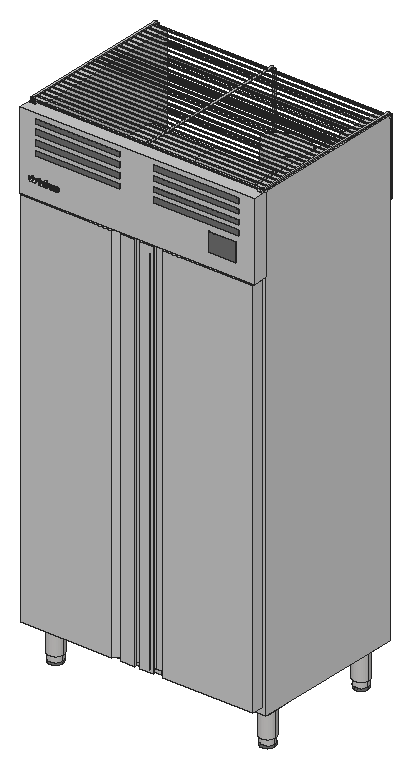
Revit family "QF_INFRICO_AGN602_250808075238", category Specialty Equipment, Revit 2021
Family settings
  Round Connector Dimension = Use Diameter
  Part Type = Normal
  OmniClass Number = 23.40.40.14
  OmniClass Title = Food Service Equipment
  Work Plane-Based = No
  Always vertical = Yes
  Cut with Voids When Loaded = No
  Shared = No
  Room Calculation Point = No
Parameters (values of type "AGN602-R290")
  Weight [instance] = 0.00 kg
  Waste Water Discharge Temperature [instance] = 0 °C
  Waste Remarks [instance] = ""
  Warranty Start Date [instance] = ""
  Warranty Duration [instance] = ""
  Volts [instance] = 230 V
  Volt Free Conn [instance] = no
  URL Recommended Spares List [instance] = ""
  URL Manufacturer [instance] = ""
  URL Cutsheet [instance] = ""
  URL Critical Spares List [instance] = ""
  URL = "www.infrico.com"
  Technical Documentation [instance] = ""
  Tag Number [instance] = ""
  Status [instance] = ""
  Start Up Current [instance] = 0 A
  Specification by User [instance] = ""
  Specification by Manufacturer [instance] = ""
  Sound Level [instance] = ""
  Show Logo [instance] = yes
  Show Clearances [instance] = yes
  Service Life Duration [instance] = ""
  Serial Number [instance] = ""
  Seismic Rating [instance] = ""
  SMACNA No [instance] = ""
  Revision Code [instance] = ""
  Revision [instance] = ""
  Production Year [instance] = ""
  Potential Equalisation [instance] = no
  Point Load [instance] = 0
  Plumbing Connection Type [instance] = ""
  Phase [instance] = 1
  Other Equipment Approvals [instance] = ""
  Operational Current [instance] = 0 A
  Number of Poles [instance] = 2
  No Load Power Draw [instance] = no
  NAFEM Spec ID Number [instance] = ""
  Model Warning [instance] = ""
  Model = "AGN602"
  Min Ckt Ampacity [instance] = 0 A
  Max Overcurrent Protection [instance] = 0 A
  Masterspec [instance] = ""
  Manufacturer = "INFRICO"
  Main switch integrated [instance] = no
  Length Actual [instance] = 974.09 mm
  Item Number [instance] = ""
  Installed By [instance] = ""
  Installation Date [instance] = ""
  Indirect Waste Size [instance] = 19.05 mm
  Indirect Waste Remarks [instance] = ""
  Indirect Waste Flow [instance] = 0.0 L/s
  Indirect Waste Connection Type [instance] = ""
  Indirect Waste Connection Height [instance] = 0 mm
  Identify Quantity as Lot [instance] = no
  ID [instance] = ""
  Hygiene Approval [instance] = ""
  Height Actual [instance] = 2100.072 mm
  HP power [instance] = ""
  Furnished By [instance] = ""
  Foodservice Equipment Identifier [instance] = no
  FL Amps [instance] = 0 A
  Electrical Remarks [instance] = ""
  Electric power [instance] = 410 W
  Electric Connection Type [instance] = ""
  Elec Conn RI Height [instance] = 0 mm
  Elec Conn Connection Height [instance] = 0 mm
  ETL Approved [instance] = no
  Direct Waste Water Discharge Temperature [instance] = -273.15 °C
  Direct Waste Size [instance] = 19.05 mm
  Direct Waste RI Height [instance] = 0 mm
  Direct Waste Flow [instance] = 0.0 L/s
  Direct Waste Connection Height [instance] = 0 mm
  Description = "GN 1/1 REFRIGERATOR AND FREEZER REACH IN 300/600 - TWO DOORS - R290"
  Depth Actual [instance] = 694.944 mm
  Default Elevation = 0 mm
  Cycle [instance] = 50 Hz
  Cost = 0
  Connection to energy optimisation system [instance] = yes
  Conn Plug [instance] = ""
  Conn Conduit [instance] = no
  Centralized building control system with digital interface [instance] = ""
  CSI MasterFormat [instance] = ""
  CE Approved [instance] = no
  Barcode [instance] = 0
  Author [instance] = ""
  Asset Identifier [instance] = ""
  Apparent Power [instance] = 410 VA
  Accessory [instance] = no
Reference planes
  plane 1 "Center (Front/Back)": y = 0
  plane 2: z = 0
  plane 3 "Center (Left/Right)": x = 0
Forms (mm)
  Extrusion 1, solid, not visible
    sketch origin (487.024, -93.905, 152.007) x (1, 0, 0) y (0, 1, 0)
      loop
        line (-2, 2) -> (-2, -2) -> (2, -2) -> (2, 2) -> (-2, 2)
    from -2 to 2
  Extrusion 2, solid, not visible
    sketch origin (100.005, -89.004, 1770.086) x (1, 0, 0) y (0, 1, 0)
      loop
        line (-2, 2) -> (-2, -2) -> (2, -2) -> (2, 2) -> (-2, 2)
    from -2 to 2
Dimensions and locks
  locked: nested 2 to Extrusion 1 at 2  (x2)
  locked: Extrusion 2 to nested 3
  locked: nested 3 to Extrusion 2 at 2
  aligned and locked: level to plane 2
Nested families
  nested 1: "QF_INFRICO_AGN602_2920" at (0, 0, 150), type "AGN602-R290"
    with Weight 0.00 kg, Warranty Start Date "", Warranty Duration "", URL Cutsheet "", Technical Documentation "", Tag Number "", Status "", Specification by User "", Specification by Manufacturer "", Sound Level "", Solid Fuel Type "", Show Logo yes, Show Clearances yes, Show Clearance yes, Service Life Duration "", Serial Number "", Seismic Rating "", SMACNA No "", Revision Code "", Revision "", Production Year "", Point Load 0, Other Equipment Approvals "", NAFEM Spec ID Number "", Model Warning "", Masterspec "", Length Actual 974.09 mm, Item Number "", Installed By "", Installation Date "", Identify Quantity as Lot yes, ID "", Hygiene Approval "", Height Actual 2100.072 mm, Furnished By "", Foodservice Equipment Identifier yes, ETL Approved yes, Depth Actual 694.944 mm, CSI MasterFormat "", CE Approved no, Barcode "", Author "", Asset Identifier "", Accessory no
  nested 2: "CONN_POINT_DRAIN_2D___Generic_Annotation" at (487.024, -93.905, 150.007), type "CONN_POINT_DRAIN_2D___Generic_Annotation"
    with Onboard connection annotation symbol visibility yes
  nested 3: "CONN_POINT_ELE_2D___Generic_Annotation" at (100.005, -87.004, 1770.086), type "CONN_POINT_ELE_2D___Generic_Annotation"
    with Onboard connection annotation symbol visibility yes
  nested 4: "QF_INFRICO_LEGS_REACH_INS_4654" at (0, 0, 0), type "LEGS_974_640"
    with Weight 0.00 kg, Warranty Start Date "", Warranty Duration "", URL Cutsheet "", Technical Documentation "", Tag Number "", Status "", Specification by User "", Specification by Manufacturer "", Sound Level "", Solid Fuel Type "", Show Logo yes, Show Clearances yes, Service Life Duration "", Serial Number "", Seismic Rating "", SMACNA No "", Revision Code "", Revision "", Production Year "", Point Load 0, Other Equipment Approvals "", NAFEM Spec ID Number "", Model Warning "", Masterspec "", Length Actual 974.09 mm, Item Number "", Installed By "", Installation Date "", Identify Quantity as Lot yes, ID "", Hygiene Approval "", Height Actual 150.114 mm, Furnished By "", Foodservice Equipment Identifier yes, ETL Approved yes, Depth Actual 640.08 mm, CSI MasterFormat "", CE Approved no, Barcode "", Author "", Asset Identifier "", Accessory yes
Connectors
  piping at (487.024, -93.905, 150.007), diameter 19.05, driven by "Indirect Waste Size", driven by "Direct Waste Flow"
    settings: on Extrusion 1, index 1, connector inside diameter 609.6 mm, connector length 0 mm, flow factor 0, pipe flow 0.0 L/s, pressure drop 0.0 Pa, fitting loss kfactor 0, connector angle 0.00°, fixture units 0, engagement length 0 mm, angle of deflection 0.00°, flow configuration 1, flow direction 2, fitting loss method 0, system type 16, joint type 0, gender type 0, connector reference index -1, connector utility 0, adjustable connector no, is connector primary yes, connector description "Waste connection for AGN602"
  electrical at (100.005, -87.004, 1770.086), driven by "Apparent Power", driven by "Number of Poles", driven by "Volts"
    settings: on Extrusion 2, index 2, voltage 230 V, apparent load 0 VA, apparent load phase1 410 VA, apparent load phase2 0 VA, apparent load phase3 0 VA, power factor 1, load classification "Other", number of poles 2, system type 31, power factor state 1, is connector primary yes, connector utility no, sub classification motor no, connector description "Electrical connection for AGN602"
Definition of nested family "QF_INFRICO_AGN602_2920"
  Parameters (values of type "AGN602")
    Weight [instance] = 0.00 kg
    Warranty Start Date [instance] = ""
    Warranty Duration [instance] = ""
    URL Cutsheet [instance] = ""
    URL = "www.infrico.com"
    Technical Documentation [instance] = ""
    Tag Number [instance] = ""
    Status [instance] = ""
    Specification by User [instance] = ""
    Specification by Manufacturer [instance] = ""
    Sound Level [instance] = ""
    Solid Fuel Type [instance] = ""
    Show Logo [instance] = yes
    Show Clearances [instance] = yes
    Show Clearance [instance] = yes
    Service Life Duration [instance] = ""
    Serial Number [instance] = ""
    Seismic Rating [instance] = ""
    SMACNA No [instance] = ""
    Revision Code [instance] = ""
    Revision [instance] = ""
    Production Year [instance] = ""
    Point Load [instance] = 0
    Other Equipment Approvals [instance] = ""
    NAFEM Spec ID Number [instance] = ""
    Model Warning [instance] = ""
    Model = "AGN602"
    Masterspec [instance] = ""
    Manufacturer = "INFRICO"
    Length Actual [instance] = 0 mm
    Item Number [instance] = ""
    Installed By [instance] = ""
    Installation Date [instance] = ""
    Identify Quantity as Lot [instance] = yes
    ID [instance] = ""
    Hygiene Approval [instance] = ""
    Height Actual [instance] = 0 mm
    Furnished By [instance] = ""
    Foodservice Equipment Identifier [instance] = yes
    ETL Approved [instance] = yes
    Description = "GN 1/1 REFRIGERATOR AND FREEZER REACH IN 300/600 - TWO DOORS - R134A REFRIGERANT"
    Depth Actual [instance] = 0 mm
    Default Elevation = 0 mm
    CSI MasterFormat [instance] = ""
    CE Approved [instance] = yes
    Barcode [instance] = ""
    Author [instance] = ""
    Asset Identifier [instance] = ""
    Assembly Code = "E1090320"
    Accessory [instance] = yes
  Types (3, lengths in mm): name | Model | Description
    AGN602-R290 | "AGN602" | "GN 1/1 REFRIGERATOR AND FREEZER REACH IN 300/600 - TWO DOORS - R290 REFRIGERANT"
    AGN602BT | "AGN602BT" | "GN 1/1 REFRIGERATOR AND FREEZER REACH IN 300/600 - TWO DOORS - R290 REFRIGERANT"
    AGN602 | "AGN602" | "GN 1/1 REFRIGERATOR AND FREEZER REACH IN 300/600 - TWO DOORS - R134A REFRIGERANT"
  Reference planes
    plane 1 "Back": y = 0
    plane 2: z = 0
    plane 3 "Left": x = 0
    plane 4 "Right": x = 974
    plane 5 "Front": y = -700
    plane 6 "Top": z = 1950
  Forms (mm)
    Extrusion 1, solid
      sketch origin (0, 16, -334) x (0, 1, 0) y (0, 0, 1)
        loop
          line (-16, 334) -> (-16, 1597) -> (-656, 1597) -> (-656, 334) -> (-16, 334)
      from 50 to 924
    Extrusion 2, solid
      sketch origin (0, -95, 1700) x (1, 0, 0) y (0, 1, 0)
        loop
          line (0, -545) -> (0, -605) -> (974, -605) -> (974, -545) -> (971.5, -545) -> (971.5, -558) -> (949, -558) -> (949, -545) -> (25, -545) -> (25, -558) -> (2.5, -558) -> (2.5, -545) -> (0, -545)
      from -68 to 250
    Extrusion 3, solid, visible <- "Show Logo"
      sketch origin (-1126.614, -699, 992.462) x (1, 0, 0) y (0, 0, 1)
        loop
          line (1208.799, 696.53) -> (1208.799, 719.204) -> (1204.173, 719.204) -> (1204.173, 696.53) -> (1208.799, 696.53)
        loop
          line (1214.779, 713.006) -> (1211.283, 713.006) -> (1211.283, 696.53) -> (1215.772, 696.53) -> (1215.772, 707.832)
          arc (1215.772, 707.832) -> (1217.528, 708.741) -> (1219.417, 709.324) r 11.052
          arc (1219.417, 709.324) -> (1220.929, 708.961) -> (1221.598, 707.557) r 1.806
          line (1221.598, 707.557) -> (1221.598, 696.53) -> (1226.121, 696.53) -> (1226.121, 708.689)
          arc (1226.121, 708.689) -> (1224.637, 712.075) -> (1221.141, 713.281) r 4.607
          arc (1221.141, 713.281) -> (1218.282, 712.674) -> (1215.669, 711.361) r 11.435
          line (1215.669, 711.361) -> (1215.601, 712.184)
          arc (1215.601, 712.184) -> (1215.36, 712.765) -> (1214.779, 713.006) r 0.822
        loop
          line (1238.557, 720.102) -> (1237.306, 720.102)
          arc (1237.306, 720.102) -> (1235.052, 719.926) -> (1232.881, 719.297) r 11.103
          arc (1232.881, 719.297) -> (1230.805, 717.616) -> (1230.024, 715.062) r 4.567
          line (1230.024, 715.062) -> (1230.024, 712.909) -> (1227.351, 712.703) -> (1227.351, 709.374) -> (1230.024, 709.374) -> (1230.024, 696.53) -> (1234.547, 696.53) -> (1234.547, 709.374) -> (1238.249, 709.374) -> (1238.249, 712.938) -> (1234.547, 712.938) -> (1234.547, 714.548)
          arc (1234.547, 714.548) -> (1234.956, 715.705) -> (1236.045, 716.271) r 1.67
          line (1236.045, 716.271) -> (1237.7, 716.399)
          arc (1237.7, 716.399) -> (1238.306, 716.65) -> (1238.557, 717.255) r 0.857
          line (1238.557, 717.255) -> (1238.557, 720.102)
        loop
          line (1239.479, 713.006) -> (1239.479, 696.53) -> (1243.968, 696.53) -> (1243.968, 707.352)
          arc (1243.968, 707.352) -> (1245.873, 708.631) -> (1248.077, 709.268) r 7.435
          line (1248.077, 709.268) -> (1249.241, 709.416)
          arc (1249.241, 709.416) -> (1249.643, 709.758) -> (1249.793, 710.265) r 0.928
          line (1249.793, 710.265) -> (1249.793, 712.458)
          arc (1249.793, 712.458) -> (1249.531, 713.061) -> (1248.912, 713.28) r 0.824
          arc (1248.912, 713.28) -> (1246.197, 712.588) -> (1243.899, 710.984) r 7.833
          line (1243.899, 710.984) -> (1243.726, 713.006) -> (1239.479, 713.006)
        loop
          line (1255.495, 696.53) -> (1255.495, 713.006) -> (1251.006, 713.006) -> (1251.006, 696.53) -> (1255.495, 696.53)
        loop
          arc (1257.421, 701.327) -> (1258.567, 698.188) -> (1261.466, 696.525) r 4.873
          arc (1261.466, 696.525) -> (1264.493, 696.266) -> (1267.521, 696.525) r 17.816
          arc (1267.521, 696.525) -> (1270.575, 699.134) -> (1271.505, 703.041) r 6.481
          line (1271.505, 703.041) -> (1267.187, 703.041) -> (1267.187, 701.67)
          arc (1267.187, 701.67) -> (1266.64, 700.452) -> (1265.442, 699.865) r 1.965
          arc (1265.442, 699.865) -> (1264.547, 699.816) -> (1263.653, 699.865) r 8.196
          arc (1263.653, 699.865) -> (1262.417, 700.415) -> (1261.91, 701.67) r 1.806
          line (1261.91, 701.67) -> (1261.91, 707.9)
          arc (1261.91, 707.9) -> (1262.417, 709.155) -> (1263.653, 709.705) r 1.806
          arc (1263.653, 709.705) -> (1264.547, 709.754) -> (1265.442, 709.705) r 8.196
          arc (1265.442, 709.705) -> (1266.64, 709.118) -> (1267.187, 707.9) r 1.965
          line (1267.187, 707.9) -> (1267.187, 706.838) -> (1271.505, 706.838)
          arc (1271.505, 706.838) -> (1270.524, 710.556) -> (1267.521, 712.959) r 6.132
          arc (1267.521, 712.959) -> (1264.493, 713.294) -> (1261.466, 712.959) r 13.851
          arc (1261.466, 712.959) -> (1258.571, 711.349) -> (1257.421, 708.243) r 4.772
          line (1257.421, 708.243) -> (1257.421, 701.327)
        loop
          arc (1272.916, 701.329) -> (1273.993, 698.345) -> (1276.726, 696.734) r 4.676
          arc (1276.726, 696.734) -> (1278.515, 696.455) -> (1280.318, 696.291) r 28.371
          arc (1280.318, 696.291) -> (1282.122, 696.455) -> (1283.911, 696.734) r 28.371
          arc (1283.911, 696.734) -> (1286.644, 698.345) -> (1287.72, 701.329) r 4.676
          line (1287.72, 701.329) -> (1287.72, 708.242)
          arc (1287.72, 708.242) -> (1286.644, 711.226) -> (1283.911, 712.837) r 4.676
          arc (1283.911, 712.837) -> (1282.122, 713.116) -> (1280.318, 713.28) r 28.371
          arc (1280.318, 713.28) -> (1278.515, 713.116) -> (1276.726, 712.837) r 28.371
          arc (1276.726, 712.837) -> (1273.993, 711.226) -> (1272.916, 708.242) r 4.676
          line (1272.916, 708.242) -> (1272.916, 701.329)
        loop
          line (1277.405, 707.866) -> (1277.405, 701.705)
          arc (1277.405, 701.705) -> (1277.844, 700.556) -> (1278.936, 699.991) r 1.725
          arc (1278.936, 699.991) -> (1279.627, 699.918) -> (1280.318, 699.856) r 46.133
          arc (1280.318, 699.856) -> (1281.01, 699.918) -> (1281.701, 699.991) r 46.133
          arc (1281.701, 699.991) -> (1282.793, 700.556) -> (1283.231, 701.705) r 1.725
          line (1283.231, 701.705) -> (1283.231, 707.866)
          arc (1283.231, 707.866) -> (1282.793, 709.015) -> (1281.701, 709.58) r 1.725
          arc (1281.701, 709.58) -> (1281.01, 709.653) -> (1280.318, 709.716) r 46.133
          arc (1280.318, 709.716) -> (1279.627, 709.653) -> (1278.936, 709.58) r 46.133
          arc (1278.936, 709.58) -> (1277.844, 709.015) -> (1277.405, 707.866) r 1.725
        loop
          arc (1190.339, 696.543) -> (1191.411, 696.987) -> (1191.856, 698.059) r 1.516
          line (1191.856, 698.059) -> (1191.856, 703.891) -> (1196.035, 703.891)
          arc (1196.035, 703.891) -> (1196.79, 704.121) -> (1197.218, 704.782) r 1.147
          line (1197.218, 704.782) -> (1197.218, 706.211)
          arc (1197.218, 706.211) -> (1196.787, 707.258) -> (1195.719, 707.634) r 1.385
          line (1195.719, 707.634) -> (1194.52, 707.634) -> (1197.218, 710.332)
          arc (1197.218, 710.332) -> (1197.605, 711.266) -> (1197.218, 712.2) r 1.321
          line (1197.218, 712.2) -> (1196.495, 712.923)
          arc (1196.495, 712.923) -> (1195.54, 713.338) -> (1194.558, 712.991) r 1.422
          line (1194.558, 712.991) -> (1191.853, 710.286) -> (1191.853, 711.479)
          arc (1191.853, 711.479) -> (1191.443, 712.516) -> (1190.435, 712.992) r 1.516
          line (1190.435, 712.992) -> (1189.514, 712.992)
          arc (1189.514, 712.992) -> (1188.511, 712.514) -> (1188.103, 711.479) r 1.516
          line (1188.103, 711.479) -> (1188.103, 706.83) -> (1182.073, 701.336) -> (1182.073, 707.509) -> (1185.639, 711.075)
          arc (1185.639, 711.075) -> (1186.053, 712.073) -> (1185.639, 713.071) r 1.412
          line (1185.639, 713.071) -> (1184.987, 713.723)
          arc (1184.987, 713.723) -> (1183.939, 714.141) -> (1182.915, 713.667) r 1.428
          line (1182.915, 713.667) -> (1182.073, 712.825) -> (1182.073, 717.784)
          arc (1182.073, 717.784) -> (1181.658, 718.787) -> (1180.655, 719.203) r 1.418
          line (1180.655, 719.203) -> (1179.726, 719.203)
          arc (1179.726, 719.203) -> (1178.723, 718.787) -> (1178.308, 717.784) r 1.418
          line (1178.308, 717.784) -> (1178.308, 712.825) -> (1177.466, 713.667)
          arc (1177.466, 713.667) -> (1176.442, 714.141) -> (1175.394, 713.723) r 1.428
          line (1175.394, 713.723) -> (1174.742, 713.071)
          arc (1174.742, 713.071) -> (1174.328, 712.073) -> (1174.742, 711.075) r 1.412
          line (1174.742, 711.075) -> (1178.308, 707.509) -> (1178.308, 701.336) -> (1172.278, 706.83) -> (1172.278, 711.479)
          arc (1172.278, 711.479) -> (1171.87, 712.514) -> (1170.867, 712.992) r 1.516
          line (1170.867, 712.992) -> (1169.946, 712.992)
          arc (1169.946, 712.992) -> (1168.938, 712.516) -> (1168.528, 711.479) r 1.516
          line (1168.528, 711.479) -> (1168.528, 710.286) -> (1165.823, 712.991)
          arc (1165.823, 712.991) -> (1164.841, 713.338) -> (1163.886, 712.923) r 1.422
          line (1163.886, 712.923) -> (1163.163, 712.2)
          arc (1163.163, 712.2) -> (1162.776, 711.266) -> (1163.163, 710.332) r 1.321
          line (1163.163, 710.332) -> (1165.861, 707.634) -> (1164.662, 707.634)
          arc (1164.662, 707.634) -> (1163.594, 707.258) -> (1163.163, 706.211) r 1.385
          line (1163.163, 706.211) -> (1163.163, 704.782)
          arc (1163.163, 704.782) -> (1163.591, 704.121) -> (1164.346, 703.891) r 1.147
          line (1164.346, 703.891) -> (1168.525, 703.891) -> (1168.525, 698.059)
          arc (1168.525, 698.059) -> (1168.969, 696.987) -> (1170.042, 696.543) r 1.516
          line (1170.042, 696.543) -> (1190.339, 696.543)
      from 0 to 2
    Extrusion 4, solid
      sketch origin (-383.87, -3.77, 1109.561) x (1, 0, 0) y (0, 0, 1)
        loop
          line (1169.616, 654.3) -> (1169.616, 577.9) -> (1281.216, 577.9) -> (1281.216, 654.3) -> (1169.616, 654.3)
      from 696.23 to 698.23
    Extrusion 5, solid
      sketch origin (0, 16, -10) x (1, 0, 0) y (0, 1, 0)
        loop
          line (0, -656) -> (50, -656) -> (50, -16) -> (0, -16) -> (0, -656)
        loop
          line (924, -16) -> (924, -656) -> (974, -656) -> (974, -16) -> (924, -16)
      from 10 to 1960
    Extrusion 6, solid
      sketch origin (0, 16, 38) x (0, 1, 0) y (0, 0, 1)
        loop
          line (-656, 1225) -> (-50, 1225) -> (-103.033, 1278.033) -> (-103.033, 1600) -> (-603, 1600) -> (-656, 1653) -> (-656, 1225)
      from 50 to 924
    Extrusion 7, solid
      sketch origin (638.982, 229.891, 1638) x (0.866025, -0.5, 0) y (0.5, 0.866025, 0)
        loop
          line (358.028, -621.086) -> (408.028, -707.689) -> (624.534, -582.689) -> (574.534, -496.086) -> (358.028, -621.086)
      from 0 to 292
    Extrusion 8, solid
      sketch origin (633.982, 221.23, 1659) x (0.866025, -0.5, 0) y (0.5, 0.866025, 0)
        loop
          line (407.8, -507.295) -> (427.8, -541.936) -> (479.762, -511.936) -> (459.762, -477.295) -> (407.8, -507.295)
      from 103.4 to 153.4
    Extrusion 9, solid
      sketch origin (1349.586, -118.671, 1638) x (0, -1, 0) y (1, 0, 0)
        loop
          arc (131.329, -491.086) -> (74.329, -586.086) -> (131.329, -681.086) r 107.667
          arc (131.329, -681.086) -> (151.329, -686.086) -> (171.329, -681.086) r 42.5
          arc (171.329, -681.086) -> (228.329, -586.086) -> (171.329, -491.086) r 107.667
          arc (171.329, -491.086) -> (151.329, -486.086) -> (131.329, -491.086) r 42.5
      from 0 to 250
    Extrusion 10, solid
      sketch origin (0, 16, 33) x (0, 1, 0) y (0, 0, 1)
        loop
          circle (-656, 1921) r 4
        loop
          circle (-630, 1923) r 2
        loop
          circle (-605, 1923) r 2
        loop
          circle (-580, 1923) r 2
        loop
          circle (-555, 1923) r 2
        loop
          circle (-530, 1923) r 2
        loop
          circle (-505, 1923) r 2
        loop
          circle (-480, 1923) r 2
        loop
          circle (-455, 1923) r 2
        loop
          circle (-430, 1923) r 2
        loop
          circle (-405, 1923) r 2
        loop
          circle (-380, 1923) r 2
        loop
          circle (-355, 1923) r 2
        loop
          circle (-330, 1923) r 2
        loop
          circle (-305, 1923) r 2
        loop
          circle (-280, 1923) r 2
        loop
          circle (-255, 1923) r 2
        loop
          circle (-230, 1923) r 2
        loop
          circle (-205, 1923) r 2
        loop
          circle (-155, 1923) r 2
        loop
          circle (-130, 1923) r 2
        loop
          circle (-105, 1923) r 2
        loop
          circle (-80, 1923) r 2
        loop
          circle (-55, 1923) r 2
        loop
          circle (-180, 1923) r 2
        loop
          circle (-30, 1923) r 2
      from 0 to 974
    Extrusion 11, solid
      sketch origin (0, 16, 33) x (1, 0, 0) y (0, 0, 1)
        loop
          circle (4, 1929) r 4
        loop
          circle (970, 1929) r 4
        loop
          circle (487, 1929) r 4
      from 16 to 660
    Extrusion 12, solid
      sketch origin (0, -1917, 1290) x (0, 0, -1) y (0, 1, 0)
        loop
          circle (-656, 1921) r 4
        loop
          circle (-630, 1923) r 2
        loop
          circle (-605, 1923) r 2
        loop
          circle (-580, 1923) r 2
        loop
          circle (-555, 1923) r 2
        loop
          circle (-530, 1923) r 2
        loop
          circle (-505, 1923) r 2
        loop
          circle (-480, 1923) r 2
        loop
          circle (-455, 1923) r 2
        loop
          circle (-430, 1923) r 2
        loop
          circle (-405, 1923) r 2
        loop
          circle (-380, 1923) r 2
        loop
          circle (-355, 1923) r 2
      from 0 to 974
    Extrusion 13, solid
      sketch origin (0, -1917, 1290) x (1, 0, 0) y (0, 1, 0)
        loop
          circle (4, 1929) r 4
        loop
          circle (969, 1929) r 4
        loop
          circle (486.5, 1929) r 4
      from 348 to 660
    Extrusion 14, solid
      sketch origin (500, -698.1, -10) x (1, 0, 0) y (0, 0, 1)
        loop
          line (-434.5, 1940) -> (-434.5, 1920) -> (-84.5, 1920) -> (-84.5, 1940) -> (-434.5, 1940)
        loop
          line (-434.5, 1900) -> (-434.5, 1880) -> (-84.5, 1880) -> (-84.5, 1900) -> (-434.5, 1900)
        loop
          line (-434.5, 1860) -> (-434.5, 1840) -> (-84.5, 1840) -> (-84.5, 1860) -> (-434.5, 1860)
        loop
          line (-434.5, 1820) -> (-434.5, 1800) -> (-84.5, 1800) -> (-84.5, 1820) -> (-434.5, 1820)
      from 0 to 2
    Extrusion 15, solid
      sketch origin (950.5, -77, 38) x (0, 1, 0) y (0, 0, 1)
        loop
          line (-567, 1911) -> (-563, 1911) -> (-563, 1914.5)
          arc (-563, 1914.5) -> (-564.062, 1917.463) -> (-565.924, 1920) r 10.917
          line (-565.924, 1920) -> (-573.076, 1920)
          arc (-573.076, 1920) -> (-574.938, 1917.463) -> (-576, 1914.5) r 10.917
          line (-576, 1914.5) -> (-576, 1911) -> (-572, 1911) -> (-572, 1914.5)
          arc (-572, 1914.5) -> (-569.5, 1917) -> (-567, 1914.5) r 2.5
          line (-567, 1914.5) -> (-567, 1911)
      from 0 to 17.5
    Extrusion 16, solid
      sketch origin (947.5, -77, 38) x (0, 1, 0) y (0, 0, 1)
        loop
          arc (-567.161, 1915.382) -> (-569.948, 1916.96) -> (-572, 1914.5) r 2.5
          line (-572, 1914.5) -> (-571.49, 1908.671) -> (-564.851, 1909.252) -> (-567.161, 1915.382)
      from 0.5 to 3
    Extrusion 17, solid
      sketch origin (967.5, -77, 38) x (0, 1, 0) y (0, 0, 1)
        loop
          arc (-567.161, 1915.382) -> (-569.948, 1916.96) -> (-572, 1914.5) r 2.5
          line (-572, 1914.5) -> (-571.49, 1908.671) -> (-564.851, 1909.252) -> (-567.161, 1915.382)
      from 0.5 to 3
    Extrusion 18, solid
      sketch origin (5, -77, 38) x (0, 1, 0) y (0, 0, 1)
        loop
          line (-567, 1911) -> (-563, 1911) -> (-563, 1914.5)
          arc (-563, 1914.5) -> (-564.062, 1917.463) -> (-565.924, 1920) r 10.917
          line (-565.924, 1920) -> (-573.076, 1920)
          arc (-573.076, 1920) -> (-574.938, 1917.463) -> (-576, 1914.5) r 10.917
          line (-576, 1914.5) -> (-576, 1911) -> (-572, 1911) -> (-572, 1914.5)
          arc (-572, 1914.5) -> (-569.5, 1917) -> (-567, 1914.5) r 2.5
          line (-567, 1914.5) -> (-567, 1911)
      from 0 to 17.5
    Extrusion 19, solid
      sketch origin (2, -77, 38) x (0, 1, 0) y (0, 0, 1)
        loop
          arc (-567.161, 1915.382) -> (-569.948, 1916.96) -> (-572, 1914.5) r 2.5
          line (-572, 1914.5) -> (-571.49, 1908.671) -> (-564.851, 1909.252) -> (-567.161, 1915.382)
      from 0.5 to 3
    Extrusion 20, solid
      sketch origin (22, -77, 38) x (0, 1, 0) y (0, 0, 1)
        loop
          arc (-567.161, 1915.382) -> (-569.948, 1916.96) -> (-572, 1914.5) r 2.5
          line (-572, 1914.5) -> (-571.49, 1908.671) -> (-564.851, 1909.252) -> (-567.161, 1915.382)
      from 0.5 to 3
    Extrusion 21, solid
      sketch origin (492, 0, 0) x (1, 0, 0) y (0, 0, 1)
        loop
          circle (271.5, 1787) r 90
      from 462 to 487
    Extrusion 22, solid
      sketch origin (246.5, 0, 0) x (1, 0, 0) y (0, 1, 0)
        loop
          circle (240.5, -93.4) r 9.525
      from -10 to 0
    Extrusion 23, solid
      sketch origin (100, -87.033, 1620) x (1, 0, 0) y (0, 0, -1)
        loop
          circle (0, 0) r 5
      from 0 to 10
    Extrusion 24, solid
      sketch origin (992, -698.1, -10) x (1, 0, 0) y (0, 0, 1)
        loop
          line (-434.5, 1940) -> (-434.5, 1920) -> (-84.5, 1920) -> (-84.5, 1940) -> (-434.5, 1940)
        loop
          line (-434.5, 1900) -> (-434.5, 1880) -> (-84.5, 1880) -> (-84.5, 1900) -> (-434.5, 1900)
        loop
          line (-434.5, 1860) -> (-434.5, 1840) -> (-84.5, 1840) -> (-84.5, 1860) -> (-434.5, 1860)
        loop
          line (-434.5, 1820) -> (-434.5, 1800) -> (-84.5, 1800) -> (-84.5, 1820) -> (-434.5, 1820)
      from 0 to 2
    Extrusion 25, solid
      sketch origin (2991.326, -1.98, 708.39) x (-1, 0, 0) y (0, -1, 0)
        loop
          line (2610.426, 698.02) -> (2580.356, 667.95) -> (2557.604, 667.95) -> (2546.663, 670.881)
          arc (2546.663, 670.881) -> (2545.582, 671.631) -> (2545.222, 672.896) r 1.95
          line (2545.222, 672.896) -> (2545.566, 682.741)
          arc (2545.566, 682.741) -> (2545.774, 683.563) -> (2546.304, 684.224) r 2.001
          line (2546.304, 684.224) -> (2571.566, 694.947) -> (2571.566, 698.02) -> (2514.326, 698.02) -> (2514.326, 690.261) -> (2526.525, 683.218) -> (2521.592, 664.81) -> (2514.326, 664.81) -> (2514.326, 654.02) -> (2986.326, 654.02) -> (2986.326, 698.02) -> (2610.426, 698.02)
      from -672.39 to 915.61
    Extrusion 26, solid, detail levels coarse
      sketch origin (477, -656, 36) x (-1, 0, 0) y (0, -1, 0)
        loop
          line (472, 44) -> (472, 472) -> (428, 472)
          arc (428, 472) -> (125.358, 346.642) -> (0, 44) r 428
          line (0, 44) -> (472, 44)
      from 0 to 1588
    Extrusion 27, solid
      sketch origin (477, -409, 36) x (-1, 0, 0) y (0, 0, -1)
        loop
          line (457, -1573) -> (457, -15) -> (15, -15) -> (15, -1573) -> (457, -1573)
        loop
          line (427, -1543) -> (427, -45) -> (45, -45) -> (45, -1543) -> (427, -1543)
      from 231 to 247
    Extrusion 28, solid
      sketch origin (-2017.326, -1.98, 708.39) x (1, 0, 0) y (0, 1, 0)
        loop
          line (2610.426, -698.02) -> (2986.326, -698.02) -> (2986.326, -654.02) -> (2514.326, -654.02) -> (2514.326, -664.81) -> (2521.592, -664.81) -> (2526.525, -683.218) -> (2514.326, -690.261) -> (2514.326, -698.02) -> (2571.566, -698.02) -> (2571.566, -694.947) -> (2546.304, -684.224)
          arc (2546.304, -684.224) -> (2545.774, -683.563) -> (2545.566, -682.741) r 2.001
          line (2545.566, -682.741) -> (2545.222, -672.896)
          arc (2545.222, -672.896) -> (2545.582, -671.631) -> (2546.663, -670.881) r 1.95
          line (2546.663, -670.881) -> (2557.604, -667.95) -> (2580.356, -667.95) -> (2610.426, -698.02)
      from -672.39 to 915.61
    Extrusion 29, solid, detail levels coarse
      sketch origin (497, -656, 36) x (1, 0, 0) y (0, 1, 0)
        loop
          line (472, -44) -> (0, -44)
          arc (0, -44) -> (125.358, -346.642) -> (428, -472) r 428
          line (428, -472) -> (472, -472) -> (472, -44)
      from 0 to 1588
    Extrusion 30, solid
      sketch origin (497, -409, 36) x (1, 0, 0) y (0, 0, 1)
        loop
          line (457, 1573) -> (15, 1573) -> (15, 15) -> (457, 15) -> (457, 1573)
        loop
          line (427, 1543) -> (45, 1543) -> (45, 45) -> (427, 45) -> (427, 1543)
      from 231 to 247
  Cuts and joins
    joined: Extrusion 1, Extrusion 5, Extrusion 6
  Lines and regions (mm)
    symbolic lines
      curve 1: line (0, 0, 0) -> (974, 0, 0)
      curve 2: line (974, 0, 0) -> (974, -700, 0)
      curve 3: line (974, -700, 0) -> (0, -700, 0)
      curve 4: line (0, -700, 0) -> (0, 0, 0)
      curve 5: line (974, -644, 0) -> (0, -644, 0)
    symbolic lines, visible <- "Show Clearance"
      curve 6: line (5, -700, 0) -> (5, -1128, 0)
      curve 7: line (5, -1128, 0) -> (49, -1128, 0)
      curve 8: arc (49, -1128, 0) -> (351.642, -1002.642, 0) -> (477, -700, 0) r 428
      curve 9: line (969, -700, 0) -> (969, -1128, 0)
      curve 10: line (969, -1128, 0) -> (925, -1128, 0)
      curve 11: arc (925, -1128, 0) -> (622.358, -1002.642, 0) -> (497, -700, 0) r 428
      curve 12: line (49, -700, 0) -> (49, -1128, 0)
      curve 13: line (925, -700, 0) -> (925, -1128, 0)
  Dimensions and locks
    plane 6 "Top" to level = 1950 mm  (x2)
    plane 4 "Right" to plane 3 "Left" = 974 mm
    plane 1 "Back" to plane 5 "Front" = 700 mm  (x2)
    plane 3 "Left" to plane 4 "Right" = 974 mm
    aligned and locked: level to plane 2
  Connectors
    piping at (487, -93.4, -10), diameter 19.1
      settings: on Extrusion 22, index 1, connector inside diameter 609.6 mm, connector length 0 mm, flow factor 0, pipe flow 0.0 L/s, pressure drop 0.0 Pa, fitting loss kfactor 0, connector angle 0.00°, fixture units 0, engagement length 0 mm, angle of deflection 0.00°, flow configuration 1, flow direction 2, fitting loss method 0, system type 16, joint type 0, gender type 0, connector reference index -1, connector utility 0, adjustable connector no, is connector primary yes, connector description "Drain connection"
    electrical at (100, -77.033, 1620)
      settings: on Extrusion 23, index 2, voltage 0 V, apparent load 0 VA, apparent load phase1 0 VA, apparent load phase2 0 VA, apparent load phase3 0 VA, power factor 1, load classification none, number of poles 1, system type 31, power factor state 1, is connector primary yes, connector utility no, sub classification motor no, connector description "Electrical connection"
Definition of nested family "QF_INFRICO_LEGS_REACH_INS_4654"
  Parameters (values of type "LEGS_930_756")
    Weight [instance] = 0.00 kg
    Warranty Start Date [instance] = ""
    Warranty Duration [instance] = ""
    URL Cutsheet [instance] = ""
    URL = "www.infrico.com"
    Technical Documentation [instance] = ""
    Tag Number [instance] = ""
    Status [instance] = ""
    Specification by User [instance] = ""
    Specification by Manufacturer [instance] = ""
    Sound Level [instance] = ""
    Solid Fuel Type [instance] = ""
    Show Logo [instance] = yes
    Show Clearances [instance] = yes
    Service Life Duration [instance] = ""
    Serial Number [instance] = ""
    Seismic Rating [instance] = ""
    SMACNA No [instance] = ""
    Right offset = 228 mm
    Revision Code [instance] = ""
    Revision [instance] = ""
    Rear offset = 163 mm
    Production Year [instance] = ""
    Point Load [instance] = 0
    Other Equipment Approvals [instance] = ""
    NAFEM Spec ID Number [instance] = ""
    Model Warning [instance] = ""
    Model = "LEGS_930_756"
    Masterspec [instance] = ""
    Manufacturer = "INFRICO"
    Length Actual [instance] = 0 mm
    Length = 930 mm
    Left offset = 136 mm
    Item Number [instance] = ""
    Installed By [instance] = ""
    Installation Date [instance] = ""
    Identify Quantity as Lot [instance] = yes
    ID [instance] = ""
    Hygiene Approval [instance] = ""
    Height Actual [instance] = 0 mm
    Height = 150 mm
    Furnished By [instance] = ""
    Front offset = 60 mm
    Foodservice Equipment Identifier [instance] = yes
    ETL Approved [instance] = yes
    Description = "LEGS"
    Depth Actual [instance] = 0 mm
    Depth = 756 mm
    Default Elevation = 0 mm
    CentralLegs = if(Length > 2000 mm, 2 > 1, 2 < 1)  # no
    CSI MasterFormat [instance] = ""
    CE Approved [instance] = yes
    Barcode [instance] = ""
    Author [instance] = ""
    Asset Identifier [instance] = ""
    Assembly Code = "E1090320"
    Accessory [instance] = yes
  Types (32, lengths in mm): name | Right offset | Rear offset | Model | Length | Left offset | Height | Front offset | Depth | CentralLegs
    LEGS_557_720 | 47 | 88 | "LEGS_557_720" | 557 | 47 | 150 | 67 | 720 | no
    LEGS_1124_720 | 47 | 88 | "LEGS_1124_720" | 1124 | 47 | 150 | 67 | 720 | no
    LEGS_687_640 | 47 | 88 | "LEGS_687_640" | 687 | 47 | 150 | 67 | 640 | no
    LEGS_1385_640 | 47 | 88 | "LEGS_1385_640" | 1385 | 47 | 150 | 67 | 640 | no
    LEGS_2081_640 | 47 | 88 | "LEGS_2081_640" | 2081 | 47 | 150 | 67 | 640 | yes
    LEGS_800_545 | 47 | 88 | "LEGS_800_545" | 800 | 47 | 150 | 67 | 545 | no
    LEGS_482_640 | 47 | 88 | "LEGS_482_640" | 482 | 47 | 150 | 67 | 640 | no
    LEGS_974_640 | 47 | 88 | "LEGS_974_640" | 974 | 47 | 150 | 67 | 640 | no
    LEGS_687_734 | 47 | 88 | "LEGS_687_734" | 687 | 47 | 150 | 67 | 734 | no
    LEGS_1385_734 | 47 | 88 | "LEGS_1385_734" | 1385 | 47 | 150 | 67 | 734 | no
    LEGS_756_900 | 47 | 88 | "LEGS_756_900" | 756 | 47 | 150 | 67 | 900 | no
    LEGS_752_677 | 47 | 88 | "LEGS_752_677" | 752 | 47 | 150 | 67 | 677 | no
    LEGS_2081_736 | 47 | 88 | "LEGS_2081_736" | 2081 | 47 | 150 | 67 | 736 | yes
    LEGS_702_700 | 74 | 110 | "LEGS_702_700" | 702 | 74 | 150 | 63 | 700 | no
    LEGS_1227_700 | 74 | 110 | "LEGS_1227_700" | 1227 | 74 | 150 | 63 | 700 | no
    LEGS_1533_700 | 74 | 110 | "LEGS_1533_700" | 1533 | 74 | 150 | 63 | 700 | no
    LEGS_1844_700 | 74 | 110 | "LEGS_1844_700" | 1844 | 74 | 150 | 63 | 700 | no
    LEGS_1050_768 | 208 | 60 | "LEGS_1050_768" | 1050 | 160 | 150 | 60 | 768 | no
    LEGS_1710_768 | 208 | 60 | "LEGS_1710_768" | 1710 | 160 | 150 | 60 | 768 | no
    LEGS_2370_768 | 208 | 60 | "LEGS_2370_768" | 2370 | 160 | 150 | 60 | 768 | yes
    LEGS_930_756 | 228 | 163 | "LEGS_930_756" | 930 | 136 | 150 | 60 | 756 | no
    LEGS_1235_756 | 228 | 163 | "LEGS_1235_756" | 1235 | 136 | 150 | 60 | 756 | no
    LEGS_1352_756 | 228 | 163 | "LEGS_1352_756" | 1352 | 136 | 150 | 60 | 756 | no
    LEGS_1845_756 | 228 | 163 | "LEGS_1845_756" | 1845 | 136 | 150 | 60 | 756 | no
    LEGS_2464_756 | 228 | 163 | "LEGS_2464_756" | 2464 | 136 | 150 | 60 | 756 | yes
    LEGS_2809_756 | 228 | 163 | "LEGS_2809_756" | 2809 | 136 | 150 | 60 | 756 | yes
    LEGS_1384_736 | 47 | 88 | "LEGS_1384_736" | 1384 | 47 | 150 | 67 | 736 | no
    LEGS_687_740 | 47 | 88 | "LEGS_687_740" | 687 | 47 | 140 | 67 | 740 | no
    LEGS_1385_740 | 47 | 88 | "LEGS_1385_740" | 1385 | 47 | 140 | 67 | 740 | no
    LEGS_1385_740\u001f_H | 47 | 88 | "LEGS_1385_640" | 1385 | 47 | 150 | 67 | 740 | no
    LEGS_687_740_H | 47 | 88 | "LEGS_687_740_H" | 687 | 47 | 150 | 67 | 740 | no
    LEGS_1385_740_H | 47 | 88 | "LEGS_1385_740_H" | 1385 | 47 | 150 | 67 | 740 | no
  Reference planes
    plane 1 "Back": y = 0
    plane 2: z = 0
    plane 3 "Left": x = 0
    plane 4 "Right": x = 930
    plane 5 "Front": y = -756
    plane 6 "Top": z = 150
    plane 7 "Left offset": x = 136
    plane 8 "Right offset": x = 702
    plane 9 "Rear offset": y = -163
    plane 10 "Front offset": y = -696
    plane 11 "Central": x = 465
  Dimensions and locks
    "Length": plane 3 "Left" to plane 4 "Right"
    "Depth": plane 5 "Front" to plane 1 "Back"
    "Left offset": plane 3 "Left" to plane 7 "Left offset"
    "Right offset": plane 8 "Right offset" to plane 4 "Right"
    "Rear offset": plane 9 "Rear offset" to plane 1 "Back"
    "Front offset": plane 10 "Front offset" to plane 5 "Front"
    "Height": plane 6 "Top" to plane 2
    equal spacing: plane 3 "Left", plane 11 "Central", plane 4 "Right"
    aligned and locked: level to plane 2
    aligned and locked: nested 1 to plane 9 "Rear offset"
    aligned and locked: nested 2 to plane 9 "Rear offset"
    aligned and locked: nested 1 to plane 7 "Left offset"
    aligned and locked: nested 2 to plane 8 "Right offset"
    aligned and locked: nested 3 to plane 10 "Front offset"
    aligned and locked: nested 4 to plane 10 "Front offset"
    aligned and locked: nested 3 to plane 7 "Left offset"
    aligned and locked: nested 4 to plane 8 "Right offset"
    aligned and locked: nested 6 to plane 11 "Central"
    aligned and locked: nested 5 to plane 11 "Central"
    aligned and locked: nested 6 to plane 10 "Front offset"
    aligned and locked: nested 5 to plane 9 "Rear offset"
  Nested families
    nested 1: "QF_INFRICO_LEGS" at (136, -163, 0), type "QF_INFRICO_LEGS"
      with Height 150 mm
    nested 2: "QF_INFRICO_LEGS" at (702, -163, 0), type "QF_INFRICO_LEGS"
      with Height 150 mm
    nested 3: "QF_INFRICO_LEGS" at (136, -696, 0), type "QF_INFRICO_LEGS"
      with Height 150 mm
    nested 4: "QF_INFRICO_LEGS" at (702, -696, 0), type "QF_INFRICO_LEGS"
      with Height 150 mm
    nested 5: "QF_INFRICO_LEGS" at (465, -163, 0), visible <- "CentralLegs", type "QF_INFRICO_LEGS"
      with Height 150 mm
    nested 6: "QF_INFRICO_LEGS" at (465, -696, 0), visible <- "CentralLegs", type "QF_INFRICO_LEGS"
      with Height 150 mm
  Definition of nested family "QF_INFRICO_LEGS"
    Parameters
      Height = 140 mm
      Default Elevation = 0 mm
    Reference planes
      plane 1 "Center (Front/Back)": y = 0
      plane 2: z = 0
      plane 3 "Center (Left/Right)": x = 0
      plane 4 "Top": z = 140
    Forms (mm)
      Extrusion 1, solid
        sketch origin (0, 0, 140) x (0, 1, 0) y (-1, 0, 0)
          loop
            line (50, 45) -> (-50, 45) -> (-50, -45) -> (50, -45) -> (50, 45)
        from 0 to -3
      Extrusion 2, solid
        sketch origin (-199.986, 580, 0) x (1, 0, 0) y (0, 1, 0)
          loop
            circle (199.986, -580) r 28
        from 9 to 35
      Extrusion 3, solid
        sketch origin (-199.986, 580, 0) x (1, 0, 0) y (0, 1, 0)
          loop
            circle (199.986, -580) r 28.5
        from 0 to 9
      Sweep 4, solid
        path origin (0, 0, 0) x (0, 1, 0) y (0, 0, 1)
          loop
            line (0, 137) -> (0, 35)
        profile origin (0, 0, 86) x (1, 0, 0) y (0, 1, 0)
          loop
            circle (0, 0) r 32
    Dimensions and locks
      "Height": plane 4 "Top" to plane 2
      aligned and locked: level to plane 2
    Automatic sketch dimensions
      plane 1 "Center (Front/Back)" to Extrusion 1 sketch curve = 50 mm
      Extrusion 1 sketch curve to plane 1 "Center (Front/Back)" = 50 mm
      plane 3 "Center (Left/Right)" to Extrusion 1 sketch curve = 45 mm
      Extrusion 1 sketch curve to plane 3 "Center (Left/Right)" = 45 mm
      plane 1 "Center (Front/Back)" to Extrusion 2 sketch curve = 0 mm
      Extrusion 2 sketch curve to plane 3 "Center (Left/Right)" = 0 mm
      plane 1 "Center (Front/Back)" to Extrusion 3 sketch curve = 0 mm
      Extrusion 3 sketch curve to plane 3 "Center (Left/Right)" = 0 mm
      Sweep 4 sketch curve to plane 1 "Center (Front/Back)" = 0 mm
      level to Sweep 4 sketch curve = 35 mm
      Sweep 4 sketch curve to plane 4 "Top" = 3 mm
      Sweep 4 sketch curve to plane 3 "Center (Left/Right)" = 0 mm
      profile plane to Sweep 4 sketch curve = 0 mm
      radius of Extrusion 2 sketch curve = 28 mm
      radius of Extrusion 3 sketch curve = 28.5 mm
      radius of Sweep 4 sketch curve = 32 mm
Definition of nested family "CONN_POINT_DRAIN_2D___Generic_Annotation"
  Parameters (values of type "CONN_POINT_DRAIN_2D___Generic_Annotation")
    Onboard connection annotation symbol visibility [instance] = yes
  Reference planes
    plane 1: y = 0
    plane 2: x = 0
  Lines and regions (mm)
    detail lines, visible <- "Onboard connection annotation symbol visibility"
      curve 1: circle (0, 0, 0) r 0.5 normal (0, 0, 1)
      curve 2: line (-1, 0, 0) -> (1, 0, 0)
      curve 3: line (0, 1, 0) -> (0, -1, 0)
      curve 4: line (1.776, 1, 0) -> (1.25, 1, 0)
      curve 5: line (1.25, 1, 0) -> (1.25, -1, 0)
      curve 6: line (1.25, -1, 0) -> (1.776, -1, 0)
      curve 7: arc (2.206, -0.862, 0) -> (2.459, -0.589, 0) -> (2.583, -0.238, 0) r 0.918
      curve 8: arc (2.583, 0.238, 0) -> (2.459, 0.589, 0) -> (2.206, 0.862, 0) r 0.918
      curve 9: arc (2.583, -0.238, 0) -> (2.599, 0, 0) -> (2.583, 0.238, 0) r 1.77
      curve 10: arc (2.206, 0.862, 0) -> (2.002, 0.965, 0) -> (1.776, 1, 0) r 0.741
      curve 11: arc (1.776, -1, 0) -> (2.002, -0.965, 0) -> (2.206, -0.862, 0) r 0.741
Definition of nested family "CONN_POINT_ELE_2D___Generic_Annotation"
  Parameters (values of type "CONN_POINT_ELE_2D___Generic_Annotation")
    Onboard connection annotation symbol visibility [instance] = yes
  Reference planes
    plane 1: y = 0
    plane 2: x = 0
  Lines and regions (mm)
    detail lines, visible <- "Onboard connection annotation symbol visibility"
      curve 1: circle (0, 0, 0) r 0.5 normal (0, 0, 1)
      curve 2: line (-1, 0, 0) -> (1, 0, 0)
      curve 3: line (0, 1, 0) -> (0, -1, 0)
      curve 4: line (2.5, 1, 0) -> (1.25, 1, 0)
      curve 5: line (1.25, 1, 0) -> (1.25, -1, 0)
      curve 6: line (1.25, -1, 0) -> (2.5, -1, 0)
      curve 7: line (1.25, 0, 0) -> (2, 0, 0)
